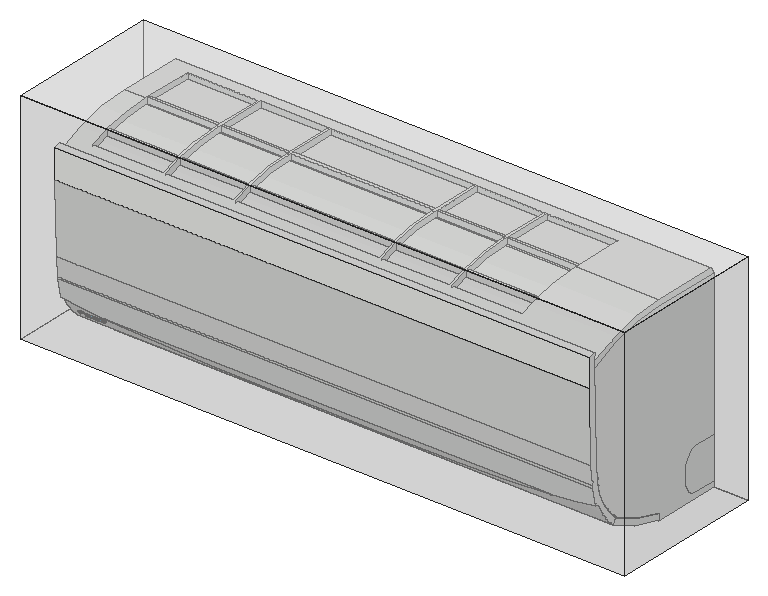
Revit family "outputfile", category 機械設備, Revit 2024
Family settings
  丸型コネクタ寸法 = 半径を使用
  パーツ タイプ = 標準
  OmniClass 番号 = 23.75.10.24.21.27.27
  OmniClass タイトル = Split System Air Conditioning Units
  作業面ベース = いいえ
  常に垂直 = はい
  ロード時にボイドで切り取り = いいえ
  注釈の向きを維持 = いいえ
  共有 = いいえ
  部屋計算ポイント = いいえ
Parameters (values of type "CTKC20RVM4")
  Description = ""
  書き出し IFC クラス(タイプ) = "IfcUnitaryEquipmentType"
  定義済み IFC タイプ(タイプ) = "AIRCONDITIONINGUNIT"
  Cost = 0
  Type Comments = ""
  Keynote = ""
  Type Image = (empty or 0)
  Assembly Code = ""
  w_wall hole = if(Width = 770.0 mm, 48.0 mm, 60.0 mm)  # 48.0 mm
  製造元 = "Daikin"
  モデル = "CTKC20RVM4"
  switch_frequency = yes
  r_Liquid Pipe Size = Liquid Pipe Size / 2  # 3.2 mm
  r_Gas Pipe Size = Gas Pipe Size / 2  # 4.75 mm
  r_Drain Pipe Size = Drain Pipe Size / 2  # 8.0 mm
  lw_powersupply [instance] = if(Width = 770.0 mm, if(or(Rear Right Connection_refrigerant, Bottom Right Connection_refrigerant), 25.0 mm, if(or(Rear Left Connection_refrigerant, Bottom Left Connection_refrigerant), 745.0 mm, 400.0 mm)), if(Width = 990.0 mm, if(or(Rear Right Connection_refrigerant, Bottom Right Connection_refrigerant), 40.0 mm, if(or(Rear Left Connection_refrigerant, Bottom Left Connection_refrigerant), 920.0 mm, 400.0 mm)), if(or(Rear Right Connection_refrigerant, Bottom Right Connection_refrigerant), 40.0 mm, if(or(Rear Left Connection_refrigerant, Bottom Left Connection_refrigerant), 920.0 mm, 400.0 mm))))  # 400.0 mm
  lw_liquidpipe [instance] = if(Width = 770.0 mm, if(or(Rear Right Connection_refrigerant, Bottom Right Connection_refrigerant), 0.0 mm, if(or(Rear Left Connection_refrigerant, Bottom Left Connection_refrigerant), 664.0 mm, 385.0 mm)), if(Width = 990.0 mm, if(or(Rear Right Connection_refrigerant, Bottom Right Connection_refrigerant), 0.0 mm, if(or(Rear Left Connection_refrigerant, Bottom Left Connection_refrigerant), 664.0 mm + (990.0 mm - 770.0 mm), 475.0 mm)), if(or(Rear Right Connection_refrigerant, Bottom Right Connection_refrigerant), 0.0 mm, if(or(Rear Left Connection_refrigerant, Bottom Left Connection_refrigerant), 664.0 mm + (990.0 mm - 770.0 mm), 475.0 mm))))  # 385.0 mm
  lw_gaspipe [instance] = if(Width = 770.0 mm, if(or(Rear Right Connection_refrigerant, Bottom Right Connection_refrigerant), 0.0 mm, if(or(Rear Left Connection_refrigerant, Bottom Left Connection_refrigerant), 675.0 mm, if(Gas Pipe Size = 12.7 mm, 345.0 mm, 335.0 mm))), if(Width = 990.0 mm, if(or(Rear Right Connection_refrigerant, Bottom Right Connection_refrigerant), 10.0 mm, if(or(Rear Left Connection_refrigerant, Bottom Left Connection_refrigerant), 890.0 mm, if(Gas Pipe Size = 15.9 mm, 410.0 mm, 400.0 mm))), if(or(Rear Right Connection_refrigerant, Bottom Right Connection_refrigerant), 10.0 mm, if(or(Rear Left Connection_refrigerant, Bottom Left Connection_refrigerant), 890.0 mm, if(Gas Pipe Size = 15.9 mm, 410.0 mm, 400.0 mm)))))  # 335.0 mm
  lw_drainpipe [instance] = if(Width = 770.0 mm, if(or(Rear Right Connection_refrigerant, Bottom Right Connection_refrigerant), 0.0 mm, if(or(Rear Left Connection_refrigerant, Bottom Left Connection_refrigerant), 770.0 mm - 48.0 mm - 48.0 mm, 440.0 mm)), if(Width = 990.0 mm, if(or(Rear Right Connection_refrigerant, Bottom Right Connection_refrigerant), 0.0 mm, if(or(Rear Left Connection_refrigerant, Bottom Left Connection_refrigerant), 675.0 mm + (990.0 mm - 770.0 mm), 435.0 mm)), if(or(Rear Right Connection_refrigerant, Bottom Right Connection_refrigerant), 0.0 mm, if(or(Rear Left Connection_refrigerant, Bottom Left Connection_refrigerant), 675.0 mm + (990.0 mm - 770.0 mm), 435.0 mm))))  # 440.0 mm
  l_powersupply_length [instance] = if(Width = 770.0 mm, if(Right Connection_refrigerant, 400.0 mm, if(Left Connection_refrigerant, 770.0 mm - 400.0 mm, if(or(Rear Left Connection_refrigerant, Rear Right Connection_refrigerant), 15.0 mm, 50.0 mm))), if(Width = 990.0 mm, if(Right Connection_refrigerant, 400.0 mm, if(Left Connection_refrigerant, 990.0 mm - 400.0 mm, if(or(Rear Left Connection_refrigerant, Rear Right Connection_refrigerant), 15.0 mm, 50.0 mm))), if(Right Connection_refrigerant, 400.0 mm, if(Left Connection_refrigerant, 990.0 mm - 400.0 mm, if(or(Rear Left Connection_refrigerant, Rear Right Connection_refrigerant), 15.0 mm, 50.0 mm)))))  # 400.0 mm
  l_liquidpipe_length [instance] = if(Width = 770.0 mm, if(Right Connection_refrigerant, 433.0 mm, if(Left Connection_refrigerant, 337.0 mm, if(or(Rear Left Connection_refrigerant, Rear Right Connection_refrigerant), 30.0 mm, 40.0 mm))), if(Width = 990.0 mm, if(Right Connection_refrigerant, 535.0 mm, if(Left Connection_refrigerant, 455.0 mm, if(or(Rear Left Connection_refrigerant, Rear Right Connection_refrigerant), 30.0 mm, 40.0 mm))), if(Right Connection_refrigerant, 535.0 mm, if(Left Connection_refrigerant, 455.0 mm, if(or(Rear Left Connection_refrigerant, Rear Right Connection_refrigerant), 30.0 mm, 40.0 mm)))))  # 433.0 mm
  l_gaspipe_length [instance] = if(Width = 770.0 mm, if(Right Connection_refrigerant, if(Gas Pipe Size = 12.7 mm, 393.0 mm, 383.0 mm), if(Left Connection_refrigerant, if(Gas Pipe Size = 12.7 mm, 770.0 mm - 393.0 mm, 770.0 mm - 383.0 mm), if(or(Rear Left Connection_refrigerant, Rear Right Connection_refrigerant), 40.0 mm, 50.0 mm))), if(Width = 990.0 mm, if(Right Connection_refrigerant, if(Gas Pipe Size = 15.9 mm, 470.0 mm, 460.0 mm), if(Left Connection_refrigerant, if(Gas Pipe Size = 15.9 mm, 990.0 mm - 470.0 mm, 990.0 mm - 460.0 mm), if(or(Rear Left Connection_refrigerant, Rear Right Connection_refrigerant), 40.0 mm, 50.0 mm))), if(Right Connection_refrigerant, if(Gas Pipe Size = 15.9 mm, 470.0 mm, 460.0 mm), if(Left Connection_refrigerant, if(Gas Pipe Size = 15.9 mm, 990.0 mm - 470.0 mm, 990.0 mm - 460.0 mm), if(or(Rear Left Connection_refrigerant, Rear Right Connection_refrigerant), 40.0 mm, 50.0 mm)))))  # 383.0 mm
  l_drainpipe_length [instance] = if(Width = 770.0 mm, if(Right Connection_refrigerant, 488.0 mm, if(Left Connection_refrigerant, 282.0 mm, if(or(Rear Left Connection_refrigerant, Rear Right Connection_refrigerant), 15.0 mm, 20.0 mm))), if(Width = 990.0 mm, if(Right Connection_refrigerant, 495.0 mm, if(Left Connection_refrigerant, 495.0 mm, if(or(Rear Left Connection_refrigerant, Rear Right Connection_refrigerant), 15.0 mm, 20.0 mm))), if(Right Connection_refrigerant, 495.0 mm, if(Left Connection_refrigerant, 495.0 mm, if(or(Rear Left Connection_refrigerant, Rear Right Connection_refrigerant), 15.0 mm, 20.0 mm)))))  # 488.0 mm
  h*** = 0.0 mm  # constant formula
  connector_voltage = Voltage_50Hz  # 230 V
  connector_powerinput = [Power Input (Cooling)]  # 0.000 kW
  connector_phase = Phase_50Hz  # 1
  angle_vertical [instance] = if(or(Bottom Left Connection_refrigerant, Bottom Right Connection_refrigerant), 0.00°, 90.00°)  # 90.00°
  angle_horizontal [instance] = if(Right Connection_refrigerant, 90.00°, if(Left Connection_refrigerant, -90.00°, if(or(Rear Left Connection_refrigerant, Rear Right Connection_refrigerant), 180.00°, 0.00°)))  # 90.00°
  Width = 770.0 mm
  Voltage_comment_50Hz = "220 - 240"
  Voltage_50Hz = 230 V
  Version = "ver.1.0"
  Unit Type = "Wall Mounted"
  Unit Mass Weight = 8.00 kg
  Unit Designation [instance] = ""
  Uniclass2015Version = "Products v1.30"
  Uniclass2015Title = "Split coil room air conditioning units"
  Uniclass2015Code = "Pr_70_65_03_86"
  URL = ""
  Total Cooling Capacity [instance] = 0.000 kW
  Sound Pressure Level_M speed (dBA) = 33
  Sound Pressure Level_L speed (dBA) = 25
  Sound Pressure Level_H speed (dBA) = 38
  Sound Power Level_H speed (dB) = 0
  Series = "Multi Split_Fan Coil Unit"
  Sensible Cooling Capacity [instance] = 0.000 kW
  Refrigerant Type = "R32"
  Power Input (Cooling) = 0.000 kW
  Phase_50Hz = 1
  Option Accessory 3 [instance] = ""
  Option Accessory 2 [instance] = ""
  Option Accessory 1 [instance] = ""
  Nominal Cooling Capacity = 2.000 kW
  Minimum Circuit Amps_50Hz = 0.0 A
  Minimum Airflow = 390.00 m³/h
  Median Airflow = 534.00 m³/h
  Maximum Fuse Amps_50Hz = 0.0 A
  Maximum Airflow = 630.00 m³/h
  Material_Casing = DAIKIN_White_Casing_indoorunit
  Load Classification = HVAC
  Liquid Pipe Size = 6.4 mm
  Link_Nested Family [instance] = ""
  IfcVersion = ""
  IfcExportType = "AIRCONDITIONINGUNIT"
  IfcExportAs = "IfcUnitaryEquipmentType"
  Height = 285.0 mm
  Heat Exchanger Type = "Cross Fin Coil"
  Gas Pipe Size = 9.5 mm
  Frequency_50Hz = 50 Hz
  Fan Type = "Cross Flow Fan"
  Fan Drive = "Direct Drive"
  FCU Tag No. [instance] = ""
  Drain Pipe Size = 16.0 mm
  Design Supply Airflow [instance] = 0.00 m³/h
  Depth = 223.0 mm
  既定の高さ = 0.0 mm
  Cooling Entering Wet Bulb Temperature [instance] = 0.00 °C
  Cooling Entering Dry Bulb Temperature [instance] = 0.00 °C
  Cooling Ambient Wet Bulb Temperature [instance] = 0.00 °C
  Cooling Ambient Dry Bulb Temperature [instance] = 0.00 °C
  Clearance visibility [instance] = yes
  Clearance Top = 30.0 mm
  Clearance Right = 50.0 mm
  Clearance Rear = 0.0 mm
  Clearance Left = 50.0 mm
  Clearance Front = 0.0 mm
  Clearance Bottom = 0.0 mm
  Bottom Right Connection_refrigerant [instance] = no
  Bottom Left Connection_refrigerant [instance] = no
  Rear Right Connection_refrigerant [instance] = no
  Rear Left Connection_refrigerant [instance] = no
  Right Connection_refrigerant [instance] = yes
  Left Connection_refrigerant [instance] = no
Reference planes
  plane 1 "Back": y = 0
  plane 2: z = 0
  plane 3 "Center (Left/Right)": x = 0
  plane 4 "Center (Front/Back)": y = -111.5
  plane 5 "Front": y = -223
  plane 6 "Left": x = -385
  plane 7 "Right": x = 385
  plane 8 "Top": z = 0
  plane 9 "Bottom": z = -285
  plane 10: x = -435
  plane 11: x = 435
  plane 12: y = 0
  plane 13: y = -223
  plane 14: z = 30
  plane 15: z = -285
  plane 16 "lw_Piping and Wiring intake": x = 337
  plane 17 "lw_gaspipe": x = 2
  plane 18 "lw_liquidpipe": x = -48
  plane 19 "lw_drainpipe": x = -103
  plane 20 "lh_drainpipe": z = -265
  plane 21 "lh_liquidpipe": z = -245
  plane 22 "lh_gaspipe": z = -235
  plane 23 "ld_drainpipe": y = -15
  plane 24 "ld_liquidpipe": y = -30
  plane 25 "ld_gaspipe": y = -40
  plane 26 "lw_powersupply": x = -15
Dimensions and locks
  equal spacing: plane 6 "Left", plane 3 "Center (Left/Right)", plane 7 "Right"
  "Width": plane 6 "Left" to plane 7 "Right"
  equal spacing: plane 5 "Front", plane 4 "Center (Front/Back)", plane 1 "Back"
  "Depth": plane 5 "Front" to plane 1 "Back"
  "Height": plane 8 "Top" to plane 9 "Bottom"
  "Clearance Rear": plane 12 to plane 1 "Back"
  "Clearance Front": plane 13 to plane 5 "Front"
  "Clearance Top": plane 14 to plane 8 "Top"
  "Clearance Bottom": plane 9 "Bottom" to plane 15
  "w_wall hole": plane 16 "lw_Piping and Wiring intake" to plane 7 "Right"
  "lw_gaspipe": plane 17 "lw_gaspipe" to plane 16 "lw_Piping and Wiring intake"
  "lw_liquidpipe": plane 18 "lw_liquidpipe" to plane 16 "lw_Piping and Wiring intake"
  "lw_drainpipe": plane 19 "lw_drainpipe" to plane 16 "lw_Piping and Wiring intake"
  locked: plane 20 "lh_drainpipe" to plane 9 "Bottom" at 20
  locked: plane 21 "lh_liquidpipe" to plane 9 "Bottom" at 40
  locked: plane 22 "lh_gaspipe" to plane 9 "Bottom" at 50
  locked: plane 23 "ld_drainpipe" to plane 1 "Back" at 15
  locked: plane 1 "Back" to plane 24 "ld_liquidpipe" at 30
  locked: plane 1 "Back" to plane 25 "ld_gaspipe" at 40
  "lw_powersupply": plane 26 "lw_powersupply" to plane 7 "Right"
  "Clearance Right": plane 7 "Right" to plane 11
  "Clearance Left": plane 10 to plane 6 "Left"
  aligned and locked: level to plane 2
  aligned and locked: plane 12 to nested 1
  aligned and locked: nested 1 to plane 13
  aligned and locked: plane 10 to nested 1
  aligned and locked: plane 11 to nested 1
  aligned and locked: plane 15 to nested 1
  aligned and locked: plane 14 to nested 1
  aligned and locked: plane 17 "lw_gaspipe" to nested 2
  aligned and locked: nested 2 to plane 25 "ld_gaspipe"
  aligned and locked: plane 18 "lw_liquidpipe" to nested 3
  aligned and locked: nested 3 to plane 24 "ld_liquidpipe"
  aligned and locked: plane 19 "lw_drainpipe" to nested 4
  aligned and locked: nested 4 to plane 23 "ld_drainpipe"
  aligned and locked: nested 5 to plane 23 "ld_drainpipe"
  aligned and locked: plane 26 "lw_powersupply" to nested 5
  aligned and locked: level to plane 8 "Top"
  aligned and locked: plane 3 "Center (Left/Right)" to nested 6
  aligned and locked: plane 1 "Back" to nested 6
  aligned and locked: plane 8 "Top" to nested 6
Nested families
  nested 1: "daikin_clearancespace" at (0, -111.5, -127.381), show <- "Clearance visibility", visible <- "Clearance visibility", Link_Nested Family <- "Link_Nested Family", type "daikin_clearancespace"
    with width 870.0 mm, show yes, height 315.0 mm, depth 223.0 mm, Link_Nested Family ""
  nested 2: "daikin_connector_rotate3" at (2, -40, -235), angle_vertical <- "angle_vertical", angle_horizontal <- "angle_horizontal", length <- "l_gaspipe_length", radius <- "r_Gas Pipe Size", type "daikin_connector_rotate3"
    with show no, radius 4.75 mm, length 383.0 mm, angle_vertical 90.00°, angle_horizontal 90.00°
  nested 3: "daikin_connector_rotate3" at (-48, -30, -245), angle_vertical <- "angle_vertical", angle_horizontal <- "angle_horizontal", radius <- "r_Liquid Pipe Size", length <- "l_liquidpipe_length", type "daikin_connector_rotate3"
    with show no, radius 3.2 mm, length 433.0 mm, angle_vertical 90.00°, angle_horizontal 90.00°
  nested 4: "daikin_connector_rotate3" at (-103, -15, -265), angle_vertical <- "angle_vertical", angle_horizontal <- "angle_horizontal", length <- "l_drainpipe_length", radius <- "r_Drain Pipe Size", type "daikin_connector_rotate3"
    with show no, radius 8.0 mm, length 488.0 mm, angle_vertical 90.00°, angle_horizontal 90.00°
  nested 5: "daikin_connector_rotate3" at (-15, -15, -235), angle_vertical <- "angle_vertical", angle_horizontal <- "angle_horizontal", length <- "l_powersupply_length", type "daikin_connector_rotate3"
    with show no, radius 10.0 mm, length 400.0 mm, angle_vertical 90.00°, angle_horizontal 90.00°
  nested 6: "DAIKIN_indoorunit_CTKC-RVM4" at (-31, 0, 0), type "CTKC-RVM4"
Connectors
  piping at (385, -40, -235), diameter 9.5, driven by "r_Gas Pipe Size"
    settings: on nested 2, index 1, connector inside diameter 609.6 mm, connector length 0.0 mm, flow factor 0, pipe flow 0.00 m³/h, pressure drop 0.0 Pa, fitting loss kfactor 0, connector angle 0.00°, fixture units 0, engagement length 0.0 mm, angle of deflection 0.00°, flow configuration 1, flow direction 2, fitting loss method 0, system type 29, joint type 0, gender type 0, connector reference index -1, connector utility 0, adjustable connector no, is connector primary yes, connector description "Refrigerant Gas Piping"
  piping at (385, -30, -245), diameter 6.4, driven by "r_Liquid Pipe Size"
    settings: on nested 3, index 2, connector inside diameter 609.6 mm, connector length 0.0 mm, flow factor 0, pipe flow 0.00 m³/h, pressure drop 0.0 Pa, fitting loss kfactor 0, connector angle 0.00°, fixture units 0, engagement length 0.0 mm, angle of deflection 0.00°, flow configuration 1, flow direction 1, fitting loss method 0, system type 29, joint type 0, gender type 0, connector reference index -1, connector utility 0, adjustable connector no, is connector primary no, connector description "Refrigerant Liquid Piping"
  piping at (385, -15, -265), diameter 16, driven by "r_Drain Pipe Size"
    settings: on nested 4, index 3, connector inside diameter 609.6 mm, connector length 0.0 mm, flow factor 0, pipe flow 0.00 m³/h, pressure drop 0.0 Pa, fitting loss kfactor 0, connector angle 0.00°, fixture units 0, engagement length 0.0 mm, angle of deflection 0.00°, flow configuration 1, flow direction 2, fitting loss method 4, system type 16, joint type 0, gender type 0, connector reference index -1, connector utility 0, adjustable connector no, is connector primary no, connector description "Condensate Drain Piping"
  electrical at (385, -15, -235), driven by "Load Classification", driven by "connector_voltage", driven by "connector_powerinput", driven by "connector_phase"
    settings: on nested 5, index 4, voltage 230 V, apparent load 0 VA, apparent load phase1 0 VA, apparent load phase2 0 VA, apparent load phase3 0 VA, power factor 1, load classification "HVAC", number of poles 1, system type 30, power factor state 1, is connector primary yes, connector utility no, sub classification motor no, connector description "Power Supply"
Definition of nested family "daikin_clearancespace"
  Parameters (values of type "daikin_clearancespace")
    Description = "daikin_clearancespace"
    width [instance] = 1823.963 mm
    show [instance] = yes
    material = none
    height [instance] = 1359.762 mm
    depth [instance] = 880.0 mm
    Default Elevation = 0.0 mm
    Link_Nested Family [instance] = ""
  Reference planes
    plane 1 "Center (Front/Back)": y = 0
    plane 2 "Center (Elevation)": z = -0.119
    plane 3 "Center (Left/Right)": x = 0
    plane 4: y = 440
    plane 5: y = -440
    plane 6 "Right": x = 911.982
    plane 7 "Left": x = -911.982
    plane 8 "Top": z = 679.762
    plane 9 "Bottom": z = -680
  Forms (mm)
    Extrusion 1, solid, material <- "material", visible <- "show"
      sketch origin (0, 0, 0) x (1, 0, 0) y (0, 1, 0)
        loop
          line (-911.982, 440) -> (-911.982, -440) -> (911.982, -440) -> (911.982, 440) -> (-911.982, 440)
      from -680 to 679.762
  Lines and regions (mm)
    symbolic lines, visible <- "show"
      curve 1: line (911.982, 440, 0) -> (-911.982, 440, 0)
      curve 2: line (-911.982, 440, 0) -> (-911.982, -440, 0)
      curve 3: line (-911.982, -440, 0) -> (911.982, -440, 0)
      curve 4: line (911.982, -440, 0) -> (911.982, 440, 0)
      curve 5: line (911.982, 0, 679.762) -> (-911.982, 0, 679.762)
      curve 6: line (911.982, 0, -680) -> (911.982, 0, 679.762)
      curve 7: line (-911.982, 0, -680) -> (911.982, 0, -680)
      curve 8: line (-911.982, 0, 679.762) -> (-911.982, 0, -680)
      curve 9: line (0, 440, 679.762) -> (0, -440, 679.762)
      curve 10: line (0, -440, 679.762) -> (0, -440, -680)
      curve 11: line (0, 440, -680) -> (0, 440, 679.762)
      curve 12: line (0, -440, -680) -> (0, 440, -680)
  Dimensions and locks
    "width": plane 7 "Left" to plane 6 "Right"
    "depth": plane 4 to plane 5
    "height": plane 8 "Top" to plane 9 "Bottom"
    equal spacing: plane 7 "Left", plane 3 "Center (Left/Right)", plane 6 "Right"
    equal spacing: plane 4, plane 1 "Center (Front/Back)", plane 5
    equal spacing: plane 8 "Top", plane 2 "Center (Elevation)", plane 9 "Bottom"
    aligned and locked: level to plane 2 "Center (Elevation)"
    aligned and locked: Extrusion 1 sketch curve to plane 4
    aligned and locked: plane 7 "Left" to Extrusion 1 sketch curve
    aligned and locked: Extrusion 1 sketch curve to plane 5
    aligned and locked: Extrusion 1 sketch curve to plane 6 "Right"
    aligned and locked: plane 8 "Top" to Extrusion 1
    aligned and locked: curve 1 to Extrusion 1
    aligned and locked: curve 2 to Extrusion 1
    aligned and locked: curve 3 to Extrusion 1
    aligned and locked: curve 4 to Extrusion 1
    aligned and locked: curve 5 to Extrusion 1
    aligned and locked: curve 6 to Extrusion 1
    aligned and locked: curve 7 to Extrusion 1
    aligned and locked: curve 8 to Extrusion 1
    aligned and locked: curve 9 to Extrusion 1
    aligned and locked: curve 10 to Extrusion 1
    aligned and locked: curve 11 to Extrusion 1
    aligned and locked: curve 12 to Extrusion 1
    aligned and locked: Extrusion 1 to plane 9 "Bottom"
Definition of nested family "DAIKIN_indoorunit_CTKC-RVM4"
  Parameters (values of type "FTKM-QVMA")
    Material_Casing = none
    Default Elevation = 0.0 mm
  Reference planes
    plane 1 "Center (Front/Back)": y = 0
    plane 2 "reference_level": z = 0
    plane 3 "Center (Left/Right)": x = 31
    plane 4: x = -354
    plane 5: x = 416
    plane 6: z = -285
  Forms (mm)
    Extrusion 1, solid, material <- "Material_Casing"
      sketch origin (29, 0, 0) x (0, 1, 0) y (0, 0, 1)
        loop
          line (-5, 0) -> (-98, 0)
          arc (-98, 0) -> (-157.611, -7.211) -> (-213.783, -28.427) r 250
          arc (-213.783, -28.427) -> (-213.842, -32.972) -> (-213.892, -37.516) r 2191
          arc (-213.892, -37.516) -> (-157.832, -15.495) -> (-98.07, -8) r 242
          line (-98.07, -8) -> (0, -8) -> (-5, 0)
      from -383 to 387
    Extrusion 2, solid, material <- "Material_Casing"
      sketch origin (416, 1296.25, 1200) x (0, 1, 0) y (0, 0, 1)
        loop
          line (-1472.998, -1446.91) -> (-1476.998, -1453.839)
          arc (-1476.998, -1453.839) -> (-1437.481, -1472.422) -> (-1395.25, -1483.538) r 240
          line (-1395.25, -1483.538) -> (-1395.25, -1475.422)
          arc (-1395.25, -1475.422) -> (-1435.407, -1464.663) -> (-1472.998, -1446.91) r 232
      from 0 to -47.5
    Extrusion 3, solid, material <- "Material_Casing"
      sketch origin (29, 0, 0) x (0, 1, 0) y (0, 0, 1)
        loop
          arc (-223, -60.455) -> (-222.414, -110.646) -> (-220.656, -160.81) r 2149.92
          arc (-220.656, -160.81) -> (-219.65, -174.299) -> (-217.853, -187.706) r 229.911
          arc (-217.853, -187.706) -> (-205.371, -223.594) -> (-181.517, -253.17) r 111
          line (-181.517, -253.17) -> (-177.429, -246.093)
          arc (-177.429, -246.093) -> (-198.77, -218.989) -> (-209.965, -186.36) r 103
          arc (-209.965, -186.36) -> (-211.681, -173.586) -> (-212.651, -160.735) r 221.844
          arc (-212.651, -160.735) -> (-214.739, -93.233) -> (-214.74, -25.699) r 2186.828
          arc (-214.74, -25.699) -> (-214.671, -21.467) -> (-214.594, -17.235) r 2192
          line (-214.594, -17.235) -> (-223, -19.961) -> (-223, -60.455)
      from -383 to 387
    Extrusion 4, solid, material <- "Material_Casing"
      sketch origin (29, 0, 0) x (0, 1, 0) y (0, 0, 1)
        loop
          line (-181.517, -253.17) -> (-179.597, -249.846)
          arc (-179.597, -249.846) -> (-202.009, -221.399) -> (-213.189, -186.952) r 103
          line (-213.189, -186.952) -> (-217.853, -187.706)
          arc (-217.853, -187.706) -> (-217.533, -189.556) -> (-217.182, -191.4) r 111
          arc (-217.182, -191.4) -> (-213.806, -208.181) -> (-210.362, -224.948) r 4257.809
          arc (-210.362, -224.948) -> (-198.886, -237.857) -> (-186.225, -249.607) r 180
          line (-186.225, -249.607) -> (-181.517, -253.17)
      from -383 to 387
    Extrusion 5, solid, material <- "Material_Casing"
      sketch origin (29, 0, -20) x (0, 1, 0) y (0, 0, 1)
        loop
          line (0, -265) -> (0, 12) -> (-98.07, 12)
          arc (-98.07, 12) -> (-157.832, 4.505) -> (-213.892, -17.516) r 242
          arc (-213.892, -17.516) -> (-213.638, -79.114) -> (-211.653, -140.681) r 2191
          arc (-211.653, -140.681) -> (-210.685, -153.501) -> (-208.973, -166.243) r 221
          arc (-208.973, -166.243) -> (-197.471, -199.282) -> (-175.482, -226.491) r 102
          arc (-175.482, -226.491) -> (-138.004, -244.019) -> (-98, -254.579) r 231
          line (-98, -254.579) -> (-98, -265) -> (0, -265)
      from -383 to 387
    Extrusion 6, solid, material <- "Material_Casing"
      sketch origin (-354, 1296.25, 1200) x (0, 1, 0) y (0, 0, 1)
        loop
          line (-1472.998, -1446.91) -> (-1476.998, -1453.839)
          arc (-1476.998, -1453.839) -> (-1437.481, -1472.422) -> (-1395.25, -1483.538) r 240
          line (-1395.25, -1483.538) -> (-1395.25, -1475.422)
          arc (-1395.25, -1475.422) -> (-1435.407, -1464.663) -> (-1472.998, -1446.91) r 232
      from 47 to 0
    Extrusion 7, solid, material <- "Material_Casing"
      sketch origin (416, 1296.25, 1200) x (0, 1, 0) y (0, 0, 1)
        loop
          line (-1472.998, -1446.91) -> (-1476.998, -1453.839)
          arc (-1476.998, -1453.839) -> (-1443.437, -1470.168) -> (-1407.75, -1481.097) r 240
          line (-1407.75, -1481.097) -> (-1407.75, -1472.894)
          arc (-1407.75, -1472.894) -> (-1441.363, -1462.385) -> (-1472.998, -1446.91) r 232
      from -116.993 to -48.493
    Extrusion 8, solid, material <- "Material_Casing"
      sketch origin (416, 1296.25, 1200) x (0, 1, 0) y (0, 0, 1)
        loop
          line (-1472.998, -1446.91) -> (-1476.998, -1453.839)
          arc (-1476.998, -1453.839) -> (-1443.437, -1470.168) -> (-1407.75, -1481.097) r 240
          line (-1407.75, -1481.097) -> (-1407.75, -1472.894)
          arc (-1407.75, -1472.894) -> (-1441.363, -1462.385) -> (-1472.998, -1446.91) r 232
      from -717 to -121.993
    Extrusion 9, void
      sketch origin (31, 0, -235) x (1, 0, 0) y (0, 1, 0)
        loop
          line (-252.674, -22.316) -> (-354.941, -22.316) -> (-354.941, -91.341) -> (-252.674, -91.341) -> (-252.674, -22.316)
        loop
          line (-249.341, -91.341) -> (-151.574, -91.341) -> (-151.574, -22.316) -> (-249.341, -22.316) -> (-249.341, -91.341)
        loop
          line (58.309, -22.316) -> (-148.309, -22.316) -> (-148.309, -91.341) -> (58.309, -91.341) -> (58.309, -22.316)
        loop
          line (61.689, -22.316) -> (61.689, -91.341) -> (159.457, -91.341) -> (159.457, -22.316) -> (61.689, -22.316)
        loop
          line (162.789, -22.316) -> (162.789, -91.341) -> (265.057, -91.341) -> (265.057, -22.316) -> (162.789, -22.316)
        loop
          line (-354.941, -94.659) -> (-354.941, -165.259) -> (-252.674, -165.259) -> (-252.674, -94.659) -> (-354.941, -94.659)
        loop
          line (-249.341, -94.659) -> (-249.341, -165.259) -> (-151.574, -165.259) -> (-151.574, -94.659) -> (-249.341, -94.659)
        loop
          line (-148.309, -94.659) -> (-148.309, -165.259) -> (58.309, -165.259) -> (58.309, -94.659) -> (-148.309, -94.659)
        loop
          line (61.689, -94.659) -> (61.689, -165.259) -> (159.457, -165.259) -> (159.457, -94.659) -> (61.689, -94.659)
        loop
          line (162.789, -94.659) -> (162.789, -165.259) -> (265.057, -165.259) -> (265.057, -94.659) -> (162.789, -94.659)
        loop
          line (-354.941, -167.382) -> (-354.941, -192.681) -> (-252.674, -192.681) -> (-252.674, -167.382) -> (-354.941, -167.382)
        loop
          line (-249.341, -167.382) -> (-249.341, -192.681) -> (-151.574, -192.681) -> (-151.574, -167.382) -> (-249.341, -167.382)
        loop
          line (-148.309, -167.382) -> (-148.309, -192.681) -> (58.309, -192.681) -> (58.309, -167.382) -> (-148.309, -167.382)
        loop
          line (159.457, -167.382) -> (61.689, -167.382) -> (61.689, -192.681) -> (159.457, -192.681) -> (159.457, -167.382)
        loop
          line (265.057, -167.382) -> (162.789, -167.382) -> (162.789, -192.681) -> (265.057, -192.681) -> (265.057, -167.382)
      from 201.638 to 250
    Extrusion 10, void
      sketch origin (31, 0, 0) x (1, 0, 0) y (0, 0, 1)
        loop
          arc (597, -174.907) -> (0.056, -245.263) -> (-597, -175.856) r 2585.042
          line (-597, -175.856) -> (-597, -352.872) -> (597, -352.872) -> (597, -174.907)
      from 173 to 315.3
    Extrusion 11, solid, material <- "Material_Casing"
      sketch origin (31, 0, 0) x (1, 0, 0) y (0, 0, 1)
        loop
          circle (337, -240.5) r 32.5
        loop
          circle (-337, -240.5) r 32.5
      from 0 to 5
    Extrusion 12, solid, material <- "Material_Casing"
      sketch origin (416, 1296.25, 1200) x (0, -1, 0) y (0, 0, 1)
        loop
          line (1326.25, -1417) -> (1296.25, -1417) -> (1296.25, -1477) -> (1326.25, -1477)
          arc (1326.25, -1477) -> (1340.393, -1471.142) -> (1346.25, -1457) r 20
          line (1346.25, -1457) -> (1346.25, -1437)
          arc (1346.25, -1437) -> (1340.393, -1422.858) -> (1326.25, -1417) r 20
      from 0 to 5
    Extrusion 13, solid, material <- "Material_Casing"
      sketch origin (-354, 1296.25, 1200) x (0, 1, 0) y (0, 0, 1)
        loop
          line (-1296.25, -1417) -> (-1326.25, -1417)
          arc (-1326.25, -1417) -> (-1340.393, -1422.858) -> (-1346.25, -1437) r 20
          line (-1346.25, -1437) -> (-1346.25, -1457)
          arc (-1346.25, -1457) -> (-1340.393, -1471.142) -> (-1326.25, -1477) r 20
          line (-1326.25, -1477) -> (-1296.25, -1477) -> (-1296.25, -1417)
      from 0 to 5
    Extrusion 14, solid, material <- "Material_Casing"
      sketch origin (31, 0, -285) x (-1, 0, 0) y (0, -1, 0)
        loop
          line (-314, 0) -> (-314, 30)
          arc (-314, 30) -> (-319.858, 44.142) -> (-334, 50) r 20
          line (-334, 50) -> (-354, 50)
          arc (-354, 50) -> (-368.142, 44.142) -> (-374, 30) r 20
          line (-374, 30) -> (-374, 0) -> (-314, 0)
        loop
          line (374, 0) -> (374, 30)
          arc (374, 30) -> (368.142, 44.142) -> (354, 50) r 20
          line (354, 50) -> (334, 50)
          arc (334, 50) -> (319.858, 44.142) -> (314, 30) r 20
          line (314, 30) -> (314, 0) -> (374, 0)
      from 0 to 5
  Cuts and joins
    Extrusion 9 cuts Extrusion 1
    Extrusion 10 cuts Extrusion 4
    joined: Extrusion 3, Extrusion 4
  Lines and regions (mm)
    reference lines
      curve 1: line (-523, -201.911, -229.404) -> (-523, -193.542, -239.977)
  Dimensions and locks
    locked: Extrusion 10 sketch curve to Extrusion 10 sketch curve at 1194
    Extrusion 10 sketch curve to Extrusion 10 sketch curve = 1194.0 mm
    locked: Extrusion 12 sketch curve to Extrusion 12 sketch curve at 60
    locked: Extrusion 12 sketch curve to Extrusion 12 sketch curve at 50
    locked: Extrusion 14 sketch curve to Extrusion 14 sketch curve at 60  (x2)
    locked: Extrusion 14 sketch curve to Extrusion 14 sketch curve at 50
    equal spacing: plane 5, plane 3 "Center (Left/Right)", plane 4
    plane 5 to plane 4 = 770.0 mm
    locked: Extrusion 11 sketch curve to plane 4 at 48
    plane 5 to Extrusion 11 sketch curve = 48.0 mm
    plane 2 "reference_level" to plane 6 = 285.0 mm
    locked: Extrusion 11 sketch curve to plane 6 at 44.5  (x2)
    locked: cut or joined group of Extrusion 3, Extrusion 4, Extrusion 10 to nested 1 at 15
    diameter of Extrusion 11 sketch curve = 65.0 mm  (x2)
    aligned and locked: level to plane 2 "reference_level"
    aligned and locked: nested 1 to curve 1
    aligned and locked: Extrusion 13 sketch curve to Extrusion 12  (x4)
    aligned and locked: Extrusion 14 sketch curve to Extrusion 14 sketch curve  (x2)
    aligned and locked: Extrusion 11 to plane 1 "Center (Front/Back)"
  Automatic sketch dimensions
    Extrusion 10 sketch curve to plane 3 "Center (Left/Right)" = 597.0 mm
    Extrusion 10 sketch curve to plane 3 "Center (Left/Right)" = 2.0 mm
    Extrusion 10 sketch curve to level = 352.872 mm
    Extrusion 10 sketch curve to level = 175.856 mm
    Extrusion 10 sketch curve to level = 174.907 mm
    curve 1 to level = 239.977 mm
    plane 1 "Center (Front/Back)" to curve 1 = 193.542 mm
    curve 1 to curve 1 = 10.573 mm
    curve 1 to curve 1 = 8.368 mm
    Extrusion 1 sketch curve to level = 0.0 mm
    Extrusion 1 sketch curve to plane 1 "Center (Front/Back)" = 0.0 mm
    plane 1 "Center (Front/Back)" to Extrusion 1 sketch curve = 5.0 mm
    plane 1 "Center (Front/Back)" to Extrusion 1 sketch curve = 98.0 mm
    Extrusion 1 sketch curve to Extrusion 1 sketch curve = 0.07 mm
    Extrusion 1 sketch curve to level = 59.292 mm
    Extrusion 1 sketch curve to plane 1 "Center (Front/Back)" = 1977.0 mm
    Extrusion 1 sketch curve to level = 250.0 mm
    Extrusion 1 sketch curve to Extrusion 1 sketch curve = 0.0 mm
    Extrusion 1 sketch curve to level = 8.0 mm
    Extrusion 1 sketch curve to level = 28.427 mm
    plane 1 "Center (Front/Back)" to Extrusion 2 sketch curve = 180.748 mm
    Extrusion 2 sketch curve to Extrusion 2 sketch curve = 4.0 mm
    Extrusion 2 sketch curve to Extrusion 2 sketch curve = 77.747 mm
    plane 1 "Center (Front/Back)" to Extrusion 2 sketch curve = 59.279 mm
    Extrusion 2 sketch curve to Extrusion 2 sketch curve = 0.0 mm
    Extrusion 2 sketch curve to level = 283.538 mm
    Extrusion 2 sketch curve to Extrusion 2 sketch curve = 8.116 mm
    Extrusion 2 sketch curve to Extrusion 2 sketch curve = 21.583 mm
    Extrusion 2 sketch curve to Extrusion 2 sketch curve = 6.929 mm
    Extrusion 3 sketch curve to level = 19.961 mm
    plane 1 "Center (Front/Back)" to Extrusion 3 sketch curve = 223.0 mm
    Extrusion 3 sketch curve to level = 17.235 mm
    Extrusion 3 sketch curve to Extrusion 3 sketch curve = 8.406 mm
    plane 1 "Center (Front/Back)" to Extrusion 3 sketch curve = 181.517 mm
    Extrusion 3 sketch curve to Extrusion 3 sketch curve = 4.087 mm
    Extrusion 3 sketch curve to Extrusion 3 sketch curve = 69.11 mm
    Extrusion 3 sketch curve to Extrusion 3 sketch curve = 0.001 mm
    Extrusion 3 sketch curve to plane 1 "Center (Front/Back)" = 8.955 mm
    Extrusion 3 sketch curve to Extrusion 3 sketch curve = 0.067 mm
    Extrusion 3 sketch curve to level = 60.455 mm
    Extrusion 3 sketch curve to Extrusion 3 sketch curve = 1917.898 mm
    Extrusion 3 sketch curve to Extrusion 3 sketch curve = 44.907 mm
    Extrusion 3 sketch curve to Extrusion 3 sketch curve = 5.172 mm
    Extrusion 3 sketch curve to level = 150.456 mm
    Extrusion 3 sketch curve to Extrusion 3 sketch curve = 0.006 mm
    Extrusion 3 sketch curve to Extrusion 3 sketch curve = 19.265 mm
    Extrusion 3 sketch curve to Extrusion 3 sketch curve = 0.004 mm
    Extrusion 3 sketch curve to Extrusion 3 sketch curve = 76.368 mm
    Extrusion 3 sketch curve to Extrusion 3 sketch curve = 7.077 mm
    Extrusion 3 sketch curve to Extrusion 3 sketch curve = 1.002 mm
    Extrusion 3 sketch curve to Extrusion 3 sketch curve = 0.046 mm
    Extrusion 3 sketch curve to Extrusion 3 sketch curve = 8.005 mm
    Extrusion 3 sketch curve to Extrusion 3 sketch curve = 0.147 mm
    Extrusion 3 sketch curve to Extrusion 3 sketch curve = 0.0 mm
    plane 1 "Center (Front/Back)" to Extrusion 4 sketch curve = 217.853 mm
    Extrusion 4 sketch curve to Extrusion 4 sketch curve = 4.664 mm
    Extrusion 4 sketch curve to Extrusion 4 sketch curve = 26.964 mm
    Extrusion 4 sketch curve to Extrusion 4 sketch curve = 4.708 mm
    Extrusion 4 sketch curve to Extrusion 4 sketch curve = 1.92 mm
    Extrusion 4 sketch curve to Extrusion 4 sketch curve = 68.441 mm
    Extrusion 4 sketch curve to Extrusion 4 sketch curve = 2.837 mm
    Extrusion 4 sketch curve to Extrusion 4 sketch curve = 38.066 mm
    level to Extrusion 4 sketch curve = 640.031 mm
    Extrusion 4 sketch curve to plane 1 "Center (Front/Back)" = 3958.661 mm
    Extrusion 4 sketch curve to level = 111.946 mm
    Extrusion 4 sketch curve to Extrusion 4 sketch curve = 57.779 mm
    Extrusion 4 sketch curve to Extrusion 4 sketch curve = 3.149 mm
    Extrusion 4 sketch curve to Extrusion 4 sketch curve = 14.078 mm
    Extrusion 4 sketch curve to Extrusion 4 sketch curve = 0.754 mm
    Extrusion 4 sketch curve to Extrusion 4 sketch curve = 0.239 mm
    Extrusion 4 sketch curve to Extrusion 4 sketch curve = 3.324 mm
    Extrusion 4 sketch curve to Extrusion 4 sketch curve = 0.0 mm
    Extrusion 5 sketch curve to plane 1 "Center (Front/Back)" = 0.0 mm
    plane 1 "Center (Front/Back)" to Extrusion 5 sketch curve = 59.278 mm
    Extrusion 5 sketch curve to Extrusion 5 sketch curve = 98.0 mm
    Extrusion 5 sketch curve to Extrusion 5 sketch curve = 0.0 mm  (x3)
    Extrusion 5 sketch curve to level = 8.0 mm
    Extrusion 5 sketch curve to Extrusion 5 sketch curve = 38.791 mm
    Extrusion 5 sketch curve to Extrusion 5 sketch curve = 10.249 mm
    Extrusion 5 sketch curve to plane 1 "Center (Front/Back)" = 9.11 mm
    Extrusion 5 sketch curve to level = 59.292 mm
    Extrusion 5 sketch curve to Extrusion 5 sketch curve = 1967.89 mm
    Extrusion 5 sketch curve to Extrusion 5 sketch curve = 142.454 mm
    Extrusion 5 sketch curve to Extrusion 5 sketch curve = 19.271 mm
    Extrusion 5 sketch curve to Extrusion 5 sketch curve = 80.275 mm
    Extrusion 5 sketch curve to Extrusion 5 sketch curve = 24.579 mm
    Extrusion 5 sketch curve to Extrusion 5 sketch curve = 10.421 mm
    Extrusion 5 sketch curve to level = 46.847 mm
    Extrusion 5 sketch curve to Extrusion 5 sketch curve = 77.412 mm
    Extrusion 5 sketch curve to Extrusion 5 sketch curve = 33.49 mm
    Extrusion 5 sketch curve to Extrusion 5 sketch curve = 2.68 mm
    plane 1 "Center (Front/Back)" to Extrusion 6 sketch curve = 180.748 mm
    Extrusion 6 sketch curve to Extrusion 6 sketch curve = 4.0 mm
    Extrusion 6 sketch curve to Extrusion 6 sketch curve = 77.747 mm
    plane 1 "Center (Front/Back)" to Extrusion 6 sketch curve = 59.279 mm
    Extrusion 6 sketch curve to Extrusion 6 sketch curve = 0.0 mm
    Extrusion 6 sketch curve to level = 283.538 mm
    Extrusion 6 sketch curve to Extrusion 6 sketch curve = 8.116 mm
    Extrusion 6 sketch curve to Extrusion 6 sketch curve = 21.583 mm
    Extrusion 6 sketch curve to Extrusion 6 sketch curve = 6.929 mm
    plane 1 "Center (Front/Back)" to Extrusion 7 sketch curve = 180.748 mm
    Extrusion 7 sketch curve to Extrusion 7 sketch curve = 4.0 mm
    Extrusion 7 sketch curve to Extrusion 7 sketch curve = 65.247 mm
    plane 1 "Center (Front/Back)" to Extrusion 7 sketch curve = 59.279 mm
    Extrusion 7 sketch curve to Extrusion 7 sketch curve = 0.0 mm
    Extrusion 7 sketch curve to level = 281.097 mm
    Extrusion 7 sketch curve to Extrusion 7 sketch curve = 8.203 mm
    Extrusion 7 sketch curve to Extrusion 7 sketch curve = 19.055 mm
    Extrusion 7 sketch curve to Extrusion 7 sketch curve = 6.929 mm
    plane 1 "Center (Front/Back)" to Extrusion 8 sketch curve = 180.748 mm
    Extrusion 8 sketch curve to Extrusion 8 sketch curve = 4.0 mm
    Extrusion 8 sketch curve to Extrusion 8 sketch curve = 65.247 mm
    plane 1 "Center (Front/Back)" to Extrusion 8 sketch curve = 59.279 mm
    Extrusion 8 sketch curve to Extrusion 8 sketch curve = 0.0 mm
    Extrusion 8 sketch curve to level = 281.097 mm
    Extrusion 8 sketch curve to Extrusion 8 sketch curve = 8.203 mm
    Extrusion 8 sketch curve to Extrusion 8 sketch curve = 19.055 mm
    Extrusion 8 sketch curve to Extrusion 8 sketch curve = 6.929 mm
    plane 1 "Center (Front/Back)" to Extrusion 9 sketch curve = 165.259 mm  (x2)
    Extrusion 9 sketch curve to plane 3 "Center (Left/Right)" = 354.941 mm
    plane 1 "Center (Front/Back)" to Extrusion 9 sketch curve = 22.316 mm  (x3)
    Extrusion 9 sketch curve to Extrusion 9 sketch curve = 0.0 mm  (x26)
    Extrusion 9 sketch curve to Extrusion 9 sketch curve = 102.268 mm  (x2)
    Extrusion 9 sketch curve to Extrusion 9 sketch curve = 3.332 mm  (x4)
    Extrusion 9 sketch curve to Extrusion 9 sketch curve = 97.768 mm  (x2)
    Extrusion 9 sketch curve to Extrusion 9 sketch curve = 3.264 mm  (x3)
    plane 3 "Center (Left/Right)" to Extrusion 9 sketch curve = 58.309 mm
    Extrusion 9 sketch curve to Extrusion 9 sketch curve = 3.38 mm  (x3)
    Extrusion 9 sketch curve to Extrusion 9 sketch curve = 2.124 mm  (x6)
    Extrusion 9 sketch curve to Extrusion 9 sketch curve = 25.299 mm  (x2)
    Extrusion 9 sketch curve to Extrusion 9 sketch curve = 70.6 mm
    Extrusion 9 sketch curve to Extrusion 9 sketch curve = 3.317 mm  (x4)
    Extrusion 12 sketch curve to plane 1 "Center (Front/Back)" = 0.0 mm
    Extrusion 12 sketch curve to Extrusion 12 sketch curve = 20.0 mm  (x2)
    Extrusion 12 sketch curve to level = 277.0 mm
    plane 1 "Center (Front/Back)" to Extrusion 14 sketch curve = 0.0 mm
    plane 3 "Center (Left/Right)" to Extrusion 14 sketch curve = 374.0 mm
    Extrusion 14 sketch curve to Extrusion 14 sketch curve = 20.0 mm  (x3)
    plane 1 "Center (Front/Back)" to Extrusion 14 sketch curve = 30.0 mm
    Extrusion 14 sketch curve to plane 3 "Center (Left/Right)" = 314.0 mm
  Nested families
    nested 1: "daikin_logo_plane_w40" at (-320, -198.871, -233.244) x (1, 0, 0) z (0, -0.7841, -0.6206), type "daikin_logo_plane_w40"
      with show_logo yes
  Definition of nested family "daikin_logo_plane_w40"
    Parameters (values of type "daikin_logo_plane_w40")
      width = 40.0 mm
      show_logo [instance] = yes
      material = none
      height = 0.0 mm
      depth = 0.0 mm
      Default Elevation = 1219.2 mm
    Reference planes
      plane 1 "Center (Front/Back)": y = 0
      plane 2: z = 0
      plane 3 "Center (Left/Right)": x = 0
      plane 4: z = 2
      plane 5 "left": x = -19
      plane 6: x = 19
    Forms (mm)
      Extrusion 1, solid, visible <- "show_logo"
        sketch origin (-19, 0, 0) x (1, 0, 0) y (0, 1, 0)
          loop
            line (8.902, -1.878) -> (7.789, -6.332) -> (11.13, -6.332)
            arc (11.13, -6.332) -> (12.454, -6.064) -> (13.472, -5.176) r 2.642
            arc (13.472, -5.176) -> (13.92, -4.02) -> (13.767, -2.79) r 2.537
            arc (13.767, -2.79) -> (13.452, -2.342) -> (12.982, -2.06) r 1.321
            arc (12.982, -2.06) -> (12.063, -1.902) -> (11.13, -1.878) r 6.479
            line (11.13, -1.878) -> (8.902, -1.878)
          loop
            line (10.016, -5.441) -> (10.907, -5.441)
            arc (10.907, -5.441) -> (11.591, -4.983) -> (11.988, -4.261) r 1.742
            spline (11.988, -4.261) -> (12.01, -4.155) -> (12.027, -4.03) -> (12.037, -3.893) -> (12.037, -3.747) -> (12.026, -3.598) -> (12.002, -3.451) -> (11.962, -3.31) -> (11.905, -3.181) -> (11.829, -3.069) -> (11.731, -2.978) -> (11.61, -2.913) -> (11.464, -2.88)
            line (11.464, -2.88) -> (10.573, -2.88) -> (10.016, -5.441)
          loop
            line (13.58, -6.332) -> (14.805, -6.332) -> (15.223, -5.553) -> (16.977, -5.553) -> (17.144, -6.332) -> (19.149, -6.332) -> (18.258, -1.878) -> (16.03, -1.878) -> (13.58, -6.332)
          loop
            line (16.476, -3.214) -> (15.76, -4.551) -> (16.762, -4.551) -> (16.476, -3.214)
          loop
            line (19.705, -6.332) -> (21.599, -6.332) -> (22.712, -1.878) -> (20.819, -1.878) -> (19.705, -6.332)
          loop
            line (22.712, -6.332) -> (24.606, -6.332) -> (24.908, -5.122) -> (25.831, -6.332) -> (28.17, -6.332) -> (26.388, -3.994) -> (28.949, -1.878) -> (26.945, -1.878) -> (25.401, -3.153) -> (25.719, -1.878) -> (23.826, -1.878) -> (22.712, -6.332)
          loop
            line (29.84, -1.878) -> (28.615, -6.332) -> (30.62, -6.332) -> (31.734, -1.878) -> (29.84, -1.878)
          loop
            line (31.734, -6.332) -> (33.07, -6.332) -> (33.7, -3.814) -> (34.518, -6.332) -> (36.745, -6.332) -> (37.859, -1.878) -> (36.523, -1.878) -> (35.845, -4.589) -> (34.963, -1.878) -> (32.847, -1.878) -> (31.734, -6.332)
        from 0 to 2
      Extrusion 2, solid, visible <- "show_logo"
        sketch origin (-19, 0, 0) x (1, 0, 0) y (0, 1, 0)
          loop
            line (8.7, 0) -> (4.235, 0) -> (0, -3.879) -> (0, -8) -> (8.7, 0)
        from 0 to 2
      Extrusion 3, solid, visible <- "show_logo"
        sketch origin (-19, 0, 0) x (1, 0, 0) y (0, 1, 0)
          loop
            line (0, 0) -> (0, -3.879) -> (4.235, 0) -> (0, 0)
        from 0 to 2
    Dimensions and locks
      plane 4 to plane 2 = 2.0 mm
      equal spacing: plane 5 "left", plane 3 "Center (Left/Right)", plane 6
      locked: plane 5 "left" to plane 6 at 38
      aligned and locked: level to plane 2
      aligned and locked: Extrusion 3 to plane 1 "Center (Front/Back)"  (x2)
      aligned and locked: Extrusion 2 to plane 1 "Center (Front/Back)"  (x2)
      aligned and locked: plane 4 to Extrusion 1
      aligned and locked: plane 4 to Extrusion 3
      aligned and locked: plane 4 to Extrusion 2
      aligned and locked: Extrusion 3 to plane 5 "left"
      aligned and locked: Extrusion 2 to plane 5 "left"
    Automatic sketch dimensions
      Extrusion 1 sketch curve to Extrusion 1 sketch curve = 0.901 mm
      Extrusion 1 sketch curve to Extrusion 1 sketch curve = 1.559 mm
      Extrusion 1 sketch curve to Extrusion 1 sketch curve = 1.327 mm
      Extrusion 1 sketch curve to Extrusion 1 sketch curve = 2.145 mm
      Extrusion 1 sketch curve to Extrusion 1 sketch curve = 1.448 mm
      Extrusion 1 sketch curve to Extrusion 1 sketch curve = 2.116 mm
      Extrusion 1 sketch curve to Extrusion 1 sketch curve = 1.114 mm  (x4)
      Extrusion 1 sketch curve to Extrusion 1 sketch curve = 1.336 mm  (x2)
      plane 1 "Center (Front/Back)" to Extrusion 1 sketch curve = 1.878 mm  (x5)
      Extrusion 1 sketch curve to Extrusion 1 sketch curve = 1.893 mm  (x5)
      Extrusion 1 sketch curve to Extrusion 1 sketch curve = 0.891 mm  (x4)
      Extrusion 1 sketch curve to Extrusion 1 sketch curve = 2.005 mm  (x3)
      Extrusion 1 sketch curve to Extrusion 1 sketch curve = 0.445 mm  (x2)
      plane 1 "Center (Front/Back)" to Extrusion 1 sketch curve = 3.994 mm
      Extrusion 1 sketch curve to Extrusion 1 sketch curve = 0.557 mm  (x2)
      Extrusion 1 sketch curve to Extrusion 1 sketch curve = 2.339 mm  (x2)
      Extrusion 1 sketch curve to Extrusion 1 sketch curve = 1.225 mm  (x3)
      plane 1 "Center (Front/Back)" to Extrusion 1 sketch curve = 3.153 mm
      Extrusion 1 sketch curve to Extrusion 1 sketch curve = 0.987 mm
      plane 1 "Center (Front/Back)" to Extrusion 1 sketch curve = 5.122 mm
      Extrusion 1 sketch curve to Extrusion 1 sketch curve = 0.922 mm
      plane 1 "Center (Front/Back)" to Extrusion 1 sketch curve = 6.332 mm
      Extrusion 1 sketch curve to Extrusion 1 sketch curve = 2.562 mm
      plane 1 "Center (Front/Back)" to Extrusion 1 sketch curve = 5.553 mm
      Extrusion 1 sketch curve to Extrusion 1 sketch curve = 0.167 mm
      Extrusion 1 sketch curve to Extrusion 1 sketch curve = 0.215 mm
      plane 1 "Center (Front/Back)" to Extrusion 1 sketch curve = 3.214 mm
      Extrusion 1 sketch curve to Extrusion 1 sketch curve = 0.286 mm
      plane 1 "Center (Front/Back)" to Extrusion 1 sketch curve = 4.551 mm
      Extrusion 1 sketch curve to Extrusion 1 sketch curve = 1.002 mm
      Extrusion 1 sketch curve to Extrusion 1 sketch curve = 0.537 mm
      Extrusion 1 sketch curve to Extrusion 1 sketch curve = 0.418 mm
      Extrusion 1 sketch curve to Extrusion 1 sketch curve = 1.028 mm
      plane 1 "Center (Front/Back)" to Extrusion 1 sketch curve = 4.261 mm
      Extrusion 1 sketch curve to Extrusion 1 sketch curve = 0.563 mm
      plane 1 "Center (Front/Back)" to Extrusion 1 sketch curve = 2.88 mm
      Extrusion 1 sketch curve to Extrusion 1 sketch curve = 1.088 mm
      Extrusion 1 sketch curve to Extrusion 1 sketch curve = 2.152 mm
      Extrusion 1 sketch curve to Extrusion 1 sketch curve = 0.586 mm
      Extrusion 1 sketch curve to Extrusion 1 sketch curve = 0.118 mm
      Extrusion 1 sketch curve to Extrusion 1 sketch curve = 0.298 mm
      Extrusion 1 sketch curve to Extrusion 1 sketch curve = 0.334 mm
      Extrusion 1 sketch curve to Extrusion 1 sketch curve = 0.223 mm
      Extrusion 1 sketch curve to Extrusion 1 sketch curve = 0.266 mm
      Extrusion 1 sketch curve to Extrusion 1 sketch curve = 1.671 mm
      Extrusion 1 sketch curve to Extrusion 1 sketch curve = 2.227 mm
      Extrusion 1 sketch curve to Extrusion 1 sketch curve = 0.0 mm  (x7)
      Extrusion 1 sketch curve to Extrusion 1 sketch curve = 3.453 mm
      Extrusion 1 sketch curve to Extrusion 1 sketch curve = 2.017 mm
      Extrusion 1 sketch curve to Extrusion 1 sketch curve = 0.78 mm  (x2)
      Extrusion 1 sketch curve to Extrusion 1 sketch curve = 1.743 mm
      Extrusion 1 sketch curve to Extrusion 1 sketch curve = 0.775 mm
      Extrusion 1 sketch curve to Extrusion 1 sketch curve = 0.552 mm
      Extrusion 1 sketch curve to Extrusion 1 sketch curve = 0.014 mm
      Extrusion 1 sketch curve to Extrusion 1 sketch curve = 0.952 mm
      Extrusion 1 sketch curve to Extrusion 1 sketch curve = 1.215 mm
      Extrusion 1 sketch curve to Extrusion 1 sketch curve = 0.108 mm
      plane 1 "Center (Front/Back)" to Extrusion 2 sketch curve = 0.0 mm
      Extrusion 2 sketch curve to plane 3 "Center (Left/Right)" = 19.0 mm
      Extrusion 2 sketch curve to plane 3 "Center (Left/Right)" = 14.765 mm
      Extrusion 2 sketch curve to Extrusion 2 sketch curve = 4.465 mm
      plane 1 "Center (Front/Back)" to Extrusion 2 sketch curve = 3.879 mm
      Extrusion 2 sketch curve to Extrusion 2 sketch curve = 4.12 mm
      plane 1 "Center (Front/Back)" to Extrusion 3 sketch curve = 0.0 mm
      Extrusion 3 sketch curve to plane 3 "Center (Left/Right)" = 19.0 mm
      Extrusion 3 sketch curve to plane 3 "Center (Left/Right)" = 14.765 mm
      plane 1 "Center (Front/Back)" to Extrusion 3 sketch curve = 3.879 mm
      Extrusion 1 sketch curve to plane 3 "Center (Left/Right)" = 11.211 mm
      Extrusion 1 sketch curve to Extrusion 1 sketch curve = 1.782 mm
Definition of nested family "daikin_connector_rotate3"
  Parameters (values of type "daikin_connector_rotate3")
    show [instance] = yes
    radius [instance] = 10.0 mm
    length [instance] = 600.0 mm
    angle_horizontal [instance] = 60.00°
    angle_vertical [instance] = 90.00°
    Default Elevation = 1219.2 mm
  Reference planes
    plane 1 "Center (Front/Back)": y = 0
    plane 2: z = 0
    plane 3 "Center (Left/Right)": x = 0
  Dimensions and locks
    "angle_horizontal": angle plane 3 "Center (Left/Right)" to nested 1
    aligned and locked: level to plane 2
    aligned and locked: plane 1 "Center (Front/Back)" to nested 1  (x2)
    aligned and locked: plane 3 "Center (Left/Right)" to nested 1
  Nested families
    nested 1: "daikin_connector_rotate2" at (0, 0, 0) x (0.5, 0.866, 0) z (0, 0, 1), angle_vertical <- "angle_vertical", length <- "length", radius <- "radius", type "daikin_connector_rotate2"
      with radius 10.0 mm, length 600.0 mm, angle_vertical 90.00°
  Definition of nested family "daikin_connector_rotate2"
    Parameters (values of type "daikin_connector_rotate2")
      show_face = yes
      radius [instance] = 10.0 mm
      length [instance] = 600.0 mm
      d_surface = 10.0 mm
      angle_vertical [instance] = 90.00°
      Default Elevation = 0.0 mm
    Reference planes
      plane 1 "Center (Front/Back)": y = 0
      plane 2: z = 0
      plane 3 "Center (Left/Right)": x = 0
    Forms (mm)
      Extrusion 1, solid, visible <- "show_face"
        sketch origin (0, -600, 0) x (1, 0, 0) y (0, 0, 1)
          loop
            circle (0, 0) r 10
        from 0 to -10
    Lines and regions (mm)
      reference lines
        curve 1: line (0, 0, 0) -> (0, -600, 0)
      symbolic lines
        curve 2: circle (0, 0, 0) r 5 normal (0, 0, 1)
      model lines, visible <- "show_face"
        curve 3: line (0, 0, 0) -> (0, -600, 0)
    Dimensions and locks
      "length": curve 1 to curve 1
      "length": curve 3 to curve 3
      "d_surface": Extrusion 1 to Extrusion 1
      "radius": radius of Extrusion 1 sketch curve
      "angle_vertical": angle curve 1 to plane 1 "Center (Front/Back)"
      "angle_vertical": angle curve 3 to plane 1 "Center (Front/Back)"
      aligned and locked: level to plane 2
      aligned and locked: plane 1 "Center (Front/Back)" to curve 1
      aligned and locked: plane 2 to curve 1
      aligned and locked: plane 1 "Center (Front/Back)" to curve 2
      aligned and locked: plane 3 "Center (Left/Right)" to curve 2
      aligned and locked: plane 1 "Center (Front/Back)" to curve 3
      aligned and locked: plane 2 to curve 3
      aligned and locked: Extrusion 1 to Extrusion 1
    Automatic sketch dimensions
      Extrusion 1 sketch curve to level = 0.0 mm
      Extrusion 1 sketch curve to plane 3 "Center (Left/Right)" = 0.0 mm
      radius of curve 2 = 5.0 mm
